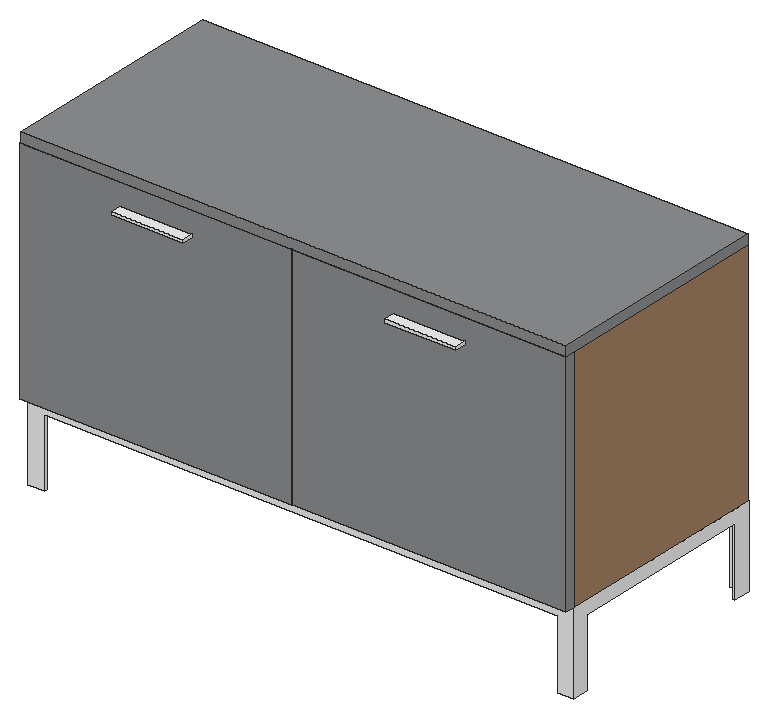
Revit family
Parameters (values of type "1000 x 400 x 400 mm")
  Profondità = 400 mm
  Manufacturer = "Revit"
  Piedi Visibili [instance] = yes
  Materiale Maniglie e Gambe = Metallo - Alluminio
  Materiale Lati = Legno - Mogano
  Materiale = Smalto - Grigio
  Larghezza = 1000 mm
Types (4, lengths in mm): name | Larghezza
  (no name) | 1000
  1400 x 400 x 400 mm | 1400
  1200 x 400 x 400 mm | 1200
  1000 x 400 x 400 mm | 1000
Reference planes
  plane 1 "Center (Front/Back)": y = 0
  plane 2: z = 0
  plane 3 "Center (Left/Right)": x = -100
  plane 4: y = -400
  plane 5: x = -600
  plane 6: x = 400
  plane 7: x = -266.667
  plane 8: x = 66.667
  plane 9: z = 210
  plane 10: z = 530
  plane 11: z = 130
Forms (mm)
  Extrusion 1, solid, material "Legno - Mogano"
    sketch origin (0, 0, 150) x (1, 0, 0) y (0, 1, 0)
      loop
        line (-600, 0) -> (-600, -400) -> (400, -400) -> (400, 0) -> (-600, 0)
    from 0 to 20
  Extrusion 2, solid, material "Legno - Mogano"
    sketch origin (0, 0, 170) x (1, 0, 0) y (0, 1, 0)
      loop
        line (-600, 0) -> (-600, -400) -> (-580, -400) -> (-580, -20) -> (380, -20) -> (380, -400) -> (400, -400) -> (400, 0) -> (-600, 0)
    from 0 to 400
  Extrusion 3, solid, material "Smalto - Grigio" <- "Materiale"
    sketch origin (0, 0, 570) x (1, 0, 0) y (0, 1, 0)
      loop
        line (-600, 0) -> (-600, -418) -> (400, -418) -> (400, 0) -> (-600, 0)
    from 0 to 18
  Extrusion 4, solid, material "Smalto - Grigio" <- "Materiale"
    sketch origin (-600, -400, 170) x (0, 0, -1) y (1, 0, 0)
      loop
        line (20, 0) -> (20, 498) -> (-400, 498) -> (-400, 0) -> (20, 0)
      loop
        line (20, 1000) -> (-400, 1000) -> (-400, 500) -> (20, 500) -> (20, 1000)
    from 0 to 18
Cuts and joins
  joined: Extrusion 1, Extrusion 2
Lines and regions (mm)
  symbolic lines
    curve 1: line (400, 0, 0) -> (-600, 0, 0)
    curve 2: line (-600, 0, 0) -> (-600, -418, 0)
    curve 3: line (-600, -418, 0) -> (400, -418, 0)
    curve 4: line (400, -418, 0) -> (400, 0, 0)
    curve 5: line (36, -418, 0) -> (36, -438, 0)
    curve 6: line (36, -438, 0) -> (166, -438, 0)
    curve 7: line (166, -438, 0) -> (166, -418, 0)
    curve 8: line (-165, -418, 0) -> (-165, -438, 0)
    curve 9: line (-165, -438, 0) -> (-35, -438, 0)
    curve 10: line (-35, -438, 0) -> (-35, -418, 0)
    curve 11: line (-366, -418, 0) -> (-366, -438, 0)
    curve 12: line (-366, -438, 0) -> (-236, -438, 0)
    curve 13: line (-236, -438, 0) -> (-236, -418, 0)
Dimensions and locks
  "Profondità": plane 4 to plane 1 "Center (Front/Back)"
  "Larghezza": plane 5 to plane 6
  plane 5 to plane 6 = 1000 mm
  locked: Extrusion 2 sketch curve to Extrusion 2 sketch curve at 20  (x3)
  equal spacing: plane 5, plane 7, plane 8, plane 6
  equal spacing: plane 5, nested 1, Extrusion 4
  equal spacing: Extrusion 4, nested 2, plane 6
  locked: Extrusion 4 sketch curve to Extrusion 4 sketch curve at 2
  equal spacing: plane 5, plane 3 "Center (Left/Right)", plane 6
  aligned and locked: plane 5 to Extrusion 1 sketch curve
  aligned and locked: plane 6 to Extrusion 1 sketch curve
  aligned and locked: Extrusion 2 sketch curve to Extrusion 1  (x2)
  aligned and locked: Extrusion 1 to Extrusion 2 sketch curve
  aligned and locked: Extrusion 3 to Extrusion 4
  aligned and locked: Extrusion 1 sketch curve to plane 5
  aligned and locked: Extrusion 3 sketch curve to plane 5
  aligned and locked: plane 6 to Extrusion 3 sketch curve
  aligned and locked: plane 6 to Extrusion 4 sketch curve
  aligned and locked: plane 5 to Extrusion 4 sketch curve
  aligned and locked: Extrusion 3 to nested 1
  aligned and locked: Extrusion 3 to nested 2
  aligned and locked: nested 3 to plane 6
  aligned and locked: nested 3 to plane 1 "Center (Front/Back)"
Automatic sketch dimensions
  curve 2 to curve 11 = 234 mm
  plane 4 to curve 13 = 38 mm
  curve 11 to curve 13 = 130 mm
  curve 9 to plane 3 "Center (Left/Right)" = 65 mm
  plane 3 "Center (Left/Right)" to curve 9 = 65 mm
  plane 4 to curve 5 = 38 mm
  curve 5 to curve 7 = 130 mm
  curve 10 to curve 10 = 20 mm
  Extrusion 1 sketch curve to plane 4 = 0 mm
  Extrusion 1 sketch curve to plane 1 "Center (Front/Back)" = 0 mm
  Extrusion 2 sketch curve to plane 4 = 0 mm  (x2)
  Extrusion 3 sketch curve to plane 1 "Center (Front/Back)" = 0 mm
  plane 4 to Extrusion 3 sketch curve = 18 mm
  Extrusion 4 sketch curve to plane 3 "Center (Left/Right)" = 0 mm
  Extrusion 4 sketch curve to plane 10 = 40 mm  (x2)
  plane 9 to Extrusion 4 sketch curve = 60 mm  (x2)
  curve 1 to plane 1 "Center (Front/Back)" = 0 mm
  curve 1 to plane 5 = 0 mm
  curve 4 to plane 6 = 0 mm
  curve 9 to curve 6 = 71 mm
  plane 4 to curve 10 = 38 mm
Nested families
  nested 1: "IT_Maniglia" at (-351, -418, 524), type "130 x 20 mm", detail levels medium+fine
  nested 2: "IT_Maniglia" at (150, -418, 524), type "130 x 20 mm", detail levels medium+fine
  nested 3: "IT_Piedi Cassettiere" at (-100, -200, 0), visible <- "Piedi Visibili", type "IT_Piedi Cassettiere"
    with Larghezza 1000 mm
Definition of nested family "IT_Maniglia"
  Parameters (values of type "130 x 20 mm")
    Manufacturer = "Revit"
    Materiale = none
  Reference planes
    plane 1 "Center (Front/Back)": y = 0
    plane 2: z = 0
    plane 3 "Center (Left/Right)": x = 0
    plane 4: x = 0
  Forms (mm)
    Extrusion 1, solid, material <- "Materiale"
      sketch origin (606.104, 622.846, 0) x (1, 0, 0) y (0, 1, 0)
        loop
          line (-671.104, -622.846) -> (-671.104, -642.846) -> (-541.104, -642.846) -> (-541.104, -622.846) -> (-671.104, -622.846)
      from 0 to 6
  Dimensions and locks
    locked: Extrusion 1 sketch curve to Extrusion 1 sketch curve at 20
    locked: Extrusion 1 sketch curve to Extrusion 1 sketch curve at 130
Definition of nested family "IT_Piedi Cassettiere"
  Parameters
    Manufacturer = "Revit"
    Materiale = none
    Lunghezza = 400 mm
    Larghezza = 1200 mm
  Reference planes
    plane 1 "Center (Front/Back)": y = 0
    plane 2: z = 0
    plane 3 "Center (Left/Right)": x = 0
    plane 4: x = -600
    plane 5: x = 600
    plane 6: y = 200
    plane 7: y = -200
  Forms (mm)
    Extrusion 1, solid, material <- "Materiale"
      sketch origin (0, 0, 0) x (1, 0, 0) y (0, 1, 0)
        loop
          line (-600, 200) -> (-600, 170) -> (-595, 170) -> (-595, 195) -> (-570, 195) -> (-570, 200) -> (-600, 200)
        loop
          line (600, 200) -> (570, 200) -> (570, 195) -> (595, 195) -> (595, 170) -> (600, 170) -> (600, 200)
        loop
          line (-600, -200) -> (-570, -200) -> (-570, -195) -> (-595, -195) -> (-595, -170) -> (-600, -170) -> (-600, -200)
        loop
          line (600, -200) -> (600, -170) -> (595, -170) -> (595, -195) -> (570, -195) -> (570, -200) -> (600, -200)
      from 0 to 150
    Extrusion 2, solid, material <- "Materiale"
      sketch origin (0, 0, 0) x (1, 0, 0) y (0, 1, 0)
        loop
          line (-600, 170) -> (-600, -170) -> (-595, -170) -> (-595, 170) -> (-600, 170)
        loop
          line (595, 170) -> (595, -170) -> (600, -170) -> (600, 170) -> (595, 170)
        loop
          line (570, 200) -> (-570, 200) -> (-570, 195) -> (570, 195) -> (570, 200)
        loop
          line (570, -195) -> (-570, -195) -> (-570, -200) -> (570, -200) -> (570, -195)
      from 125 to 150
  Cuts and joins
    joined: Extrusion 1, Extrusion 2
  Dimensions and locks
    locked: Extrusion 1 sketch curve to Extrusion 1 sketch curve at 30  (x8)
    locked: Extrusion 1 sketch curve to Extrusion 1 sketch curve at 5  (x8)
    equal spacing: plane 4, plane 3 "Center (Left/Right)", plane 5
    "Larghezza": plane 4 to plane 5
    "Lunghezza": plane 7 to plane 6
    equal spacing: plane 7, plane 1 "Center (Front/Back)", plane 6
    aligned and locked: plane 4 to Extrusion 1
    aligned and locked: plane 6 to Extrusion 1
    aligned and locked: Extrusion 1 to plane 7
    aligned and locked: plane 5 to Extrusion 1
    aligned and locked: Extrusion 1 sketch curve to plane 6
    aligned and locked: Extrusion 1 sketch curve to plane 5
    aligned and locked: plane 5 to Extrusion 1 sketch curve
    aligned and locked: Extrusion 1 sketch curve to plane 7  (x2)
    aligned and locked: plane 4 to Extrusion 1 sketch curve
    aligned and locked: Extrusion 1 to Extrusion 2 sketch curve  (x6)
    aligned and locked: Extrusion 2 sketch curve to Extrusion 1  (x10)
  Automatic sketch dimensions
    Extrusion 1 sketch curve to plane 4 = 0 mm
    Extrusion 1 sketch curve to plane 6 = 0 mm
